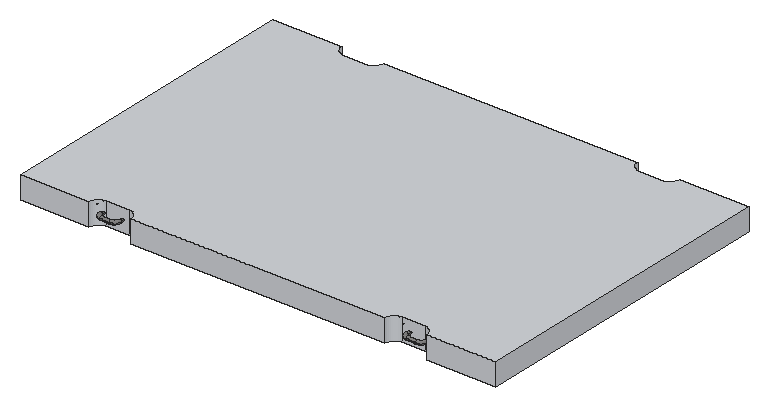
Revit family "Плита дорожная ПДН 30.20-3", category Каркас несущий, Revit 2014
Parameters
  Ширина = 2000 mm
  Толщина = 140 mm
  Тип бетона = none
  Длина = 3000 mm
Reference planes
  plane 1 "По центру (Вперед/Назад)": y = 0
  plane 2: z = 0
  plane 3 "По центру (Влево/Вправо)": x = 0
  plane 4: x = 1500
  plane 5: x = -1500
  plane 6: y = -1000
  plane 7: y = 1000
  plane 8: z = -140
Forms (mm)
  Extrusion 1, solid, material <- "Тип бетона"
    sketch origin (0, 0, 0) x (1, 0, 0) y (0, 1, 0)
      loop
        line (-1490, 990) -> (-1490, -990) -> (-1060, -990)
        arc (-1060, -990) -> (-1042.426, -947.574) -> (-1000, -930) r 60
        line (-1000, -930) -> (-855, -930)
        arc (-855, -930) -> (-812.574, -947.574) -> (-795, -990) r 60
        line (-795, -990) -> (795, -990)
        arc (795, -990) -> (812.574, -947.574) -> (855, -930) r 60
        line (855, -930) -> (1000, -930)
        arc (1000, -930) -> (1042.426, -947.574) -> (1060, -990) r 60
        line (1060, -990) -> (1490, -990) -> (1490, 990) -> (1060, 990)
        arc (1060, 990) -> (1042.426, 947.574) -> (1000, 930) r 60
        line (1000, 930) -> (855, 930)
        arc (855, 930) -> (812.574, 947.574) -> (795, 990) r 60
        line (795, 990) -> (-795, 990)
        arc (-795, 990) -> (-812.574, 947.574) -> (-855, 930) r 60
        line (-855, 930) -> (-1000, 930)
        arc (-1000, 930) -> (-1042.426, 947.574) -> (-1060, 990) r 60
        line (-1060, 990) -> (-1490, 990)
    from -140 to 0
Dimensions and locks
  equal spacing: plane 5, plane 3 "По центру (Влево/Вправо)", plane 4
  equal spacing: plane 7, plane 1 "По центру (Вперед/Назад)", plane 6
  "Длина": plane 5 to plane 4
  "Ширина": plane 7 to plane 6
  locked: plane 5 to Extrusion 1 sketch curve at 10
  locked: Extrusion 1 sketch curve to plane 6 at 10  (x3)
  locked: Extrusion 1 sketch curve to plane 7 at 10
  locked: Extrusion 1 sketch curve to plane 4 at 10
  locked: Extrusion 1 sketch curve to Extrusion 1 sketch curve at 430  (x4)
  locked: Extrusion 1 sketch curve to Extrusion 1 sketch curve at 265  (x4)
  locked: Extrusion 1 sketch curve to Extrusion 1 sketch curve at 60
  locked: Extrusion 1 sketch curve to Extrusion 1 sketch curve at 145  (x4)
  locked: plane 7 to Extrusion 1 sketch curve at 10
  "Толщина": level to plane 8
  aligned and locked: level to plane 2
  aligned and locked: Extrusion 1 to plane 8
  aligned and locked: level to Extrusion 1
Nested families
  nested 1: "Монтажно-стыковая скоба" at (-960, 980, -70), type "Семейство7"
  nested 2: "Монтажно-стыковая скоба" at (960, 980, -70) x (-1, 0, 0) z (0, 0, 1), type "Семейство7"
  nested 3: "Монтажно-стыковая скоба" at (-960, -980, -70), type "Семейство7"
  nested 4: "Монтажно-стыковая скоба" at (960, -980, -70) x (-1, 0, 0) z (0, 0, 1), type "Семейство7"
Definition of nested family "Монтажно-стыковая скоба"
  Parameters (values of type "Семейство7")
    Тип стали = Сталь арматурная А400 (САрмА400)
  Reference planes
    plane 1 "По центру (Вперед/Назад)": y = 0
    plane 2: z = 0
    plane 3 "По центру (Влево/Вправо)": x = 0
    plane 4: x = 60
    plane 5: x = -60
    plane 6: y = -80
    plane 7: y = -280
    plane 8: y = -330
    plane 9: x = -125
    plane 10: x = 125
  Forms (mm)
    Sweep 1, solid, material "Сталь арматурная А400 (САрмА400)" <- "Тип стали"
      path origin (0, 0, 0) x (1, 0, 0) y (0, 1, 0)
        loop
          line (-60, -330) -> (-60, -30)
          arc (-60, -30) -> (-51.213, -8.787) -> (-30, 0) r 30
          line (-30, 0) -> (30, 0)
          arc (30, 0) -> (51.213, -8.787) -> (60, -30) r 30
          line (60, -30) -> (60, -330)
      profile "Круг : 20 мм" origin (60, -180, 0) x (-1, 0, 0) y (0, 0, 1)
        loop
          circle (0, 0) r 10
    Sweep 2, solid, material "Сталь арматурная А400 (САрмА400)" <- "Тип стали"
      path origin (0, 0, 0) x (1, 0, 0) y (0, 1, 0)
        loop
          line (-125, -80) -> (125, -80)
      profile "Круг : 10 мм" origin (0, -80, 0) x (0, 1, 0) y (0, 0, 1)
        loop
          circle (0, 15) r 5
    Sweep 3, solid, material "Сталь арматурная А400 (САрмА400)" <- "Тип стали"
      path origin (0, -200, 0) x (1, 0, 0) y (0, 1, 0)
        loop
          line (-125, -80) -> (125, -80)
      profile "Круг : 10 мм" origin (0, -280, 0) x (0, 1, 0) y (0, 0, 1)
        loop
          circle (0, 15) r 5
  Dimensions and locks
    aligned and locked: level to plane 2
